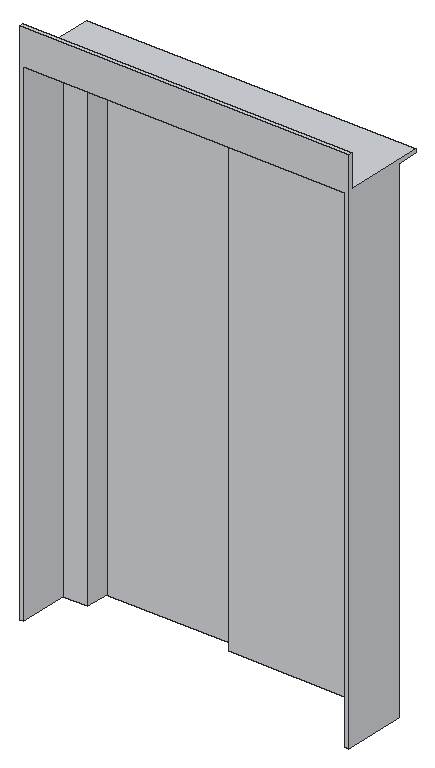
Revit family "DR_2SL_Elevator Sliding Door", category Doors, host Wall, Revit 2021
Family settings
  Host = Wall
  OmniClass Number = 23.30.10.00
  OmniClass Title = Doors
  Always vertical = Yes
  Cut with Voids When Loaded = No
  Shared = No
  Room Calculation Point = No
Parameters (values of type "1150x2100")
  Define Thermal Properties by = Schematic Type
  DI_TopFrame_Height = 15 cm
  Type Comments = ""
  Thickness = 0 cm  # constant formula
  TX_TypeCode = "2SL.EL"
  TX_Host [instance] = ""
  Rough Width = 0 cm  # constant formula
  Rough Height = 0 cm  # constant formula
  MA_Panel = none
  MA_Frame = none
  Function = Interior
  Height = 0 cm  # constant formula
  Wall Closure = By host
  Width = 0 cm  # constant formula
  Fire Rating = ""
  Description = "Porta a due ante scorrevoli verso un lato, per ascensore."
  DI_Width_Rough = DI_Width + DI_Frame_Width * 2  # 139 cm
  DI_Width_Clear = DI_Width  # 115 cm
  DI_Width = 115 cm
  DI_WallOpening_Interior [instance] = 0 cm
  DI_WallOpening_Exterior [instance] = 0 cm
  DI_VoidDepth_Below [instance] = 20 cm
  DI_Panel_Width = (DI_Width + 5 cm) / 2  # 60 cm
  DI_Panel_Thickness = 4.5 cm
  DI_Panel_Offset [instance] = 5 cm
  DI_Panel_Height = DI_Height  # 210 cm
  DI_Height_Rough = DI_Height + DI_TopFrame_Height  # 225 cm
  DI_Height_Clear = DI_Height  # 210 cm
  DI_Height = 210 cm
  DI_Frame_Width = 12 cm
  DI_Frame_Thickness = 1.5 cm
  Assembly Code = ""
  Analytic Construction = "<None>"
Reference planes (cm)
  plane 1: y = 0
  plane 2: z = 0
  plane 3: x = -0.5
  plane 4: x = -70
  plane 5: x = 69
  plane 6: z = 225
  plane 7: y = 10
  plane 8: y = 16.5
  plane 9: x = -58
  plane 10: x = 57
  plane 11: z = 210
  plane 12: y = 25.5
  plane 13: y = 21
  plane 14: x = -2.5
  plane 15 "Opening Projection Int": y = -10
  plane 16: y = 15
  plane 17: y = 11
  plane 18: x = -60.5
  plane 19: x = 59.5
  plane 20: z = -20
  plane 21: x = 119.5
  plane 22: x = -68.5
  plane 23: x = 67.5
  plane 24: y = -8.5
  plane 25: z = 211.5
  plane 26 "Opening Projection Ext": y = 10
  plane 27: y = -10
Forms (cm)
  Extrusion 1, void
    sketch origin (0, 0, 0) x (1, 0, 0) y (0, 1, 0)
      loop
        line (-70, 25.5) -> (-70, -10) -> (69, -10) -> (69, 25.5) -> (-70, 25.5)
    from -20 to 225
  Extrusion 2, solid, material <- "MA_Frame"
    sketch origin (0, 0, 0) x (1, 0, 0) y (0, 1, 0)
      loop
        line (-70, 25.5) -> (-70, -10) -> (-68.5, -10) -> (-68.5, 11) -> (-58, 11) -> (-58, 21) -> (-60.5, 21) -> (-60.5, 25.5) -> (-70, 25.5)
    from 210 to 0
  Sweep 3, solid, material <- "MA_Frame"
    path origin (-71.612, -10, 121.92) x (-1, 0, 0) y (0, 0, 1)
      loop
        line (-140.612, -121.92) -> (-140.612, 88.08)
    profile origin (69, -10, 105) x (1, 0, 0) y (0, 1, 0)
      loop
        line (0, 0) -> (0, 26.5) -> (-12, 26.5) -> (-12, 21) -> (-1.5, 21) -> (-1.5, 0) -> (0, 0)
  Sweep 4, solid, material <- "MA_Frame"
    path origin (0, 0, 0) x (1, 0, 0) y (0, 1, 0)
      loop
        line (-70, -10) -> (69, -10)
    profile origin (-0.5, -10, 0) x (0, 1, 0) y (0, 0, 1)
      loop
        line (0, 225) -> (0, 210) -> (35.5, 210) -> (35.5, 211.5) -> (1.5, 211.5) -> (1.5, 225) -> (0, 225)
Cuts and joins
  joined: Extrusion 2, Sweep 3, Sweep 4
Lines and regions (cm)
  Masking region 1
    outline origin (0, 0, 0) x (1, 0, 0) y (0, 1, 0)
      loop
        line (-70, -10) -> (-68.5, -10) -> (-68.5, 11) -> (-58, 11) -> (-58, 21) -> (-60.5, 21) -> (-60.5, 25.5) -> (-70, 25.5) -> (-70, -10)
  Masking region 2
    outline origin (0, 0, 0) x (1, 0, 0) y (0, 1, 0)
      loop
        line (57, 16.5) -> (57, 11) -> (67.5, 11) -> (67.5, -10) -> (69, -10) -> (69, 16.5) -> (57, 16.5)
  symbolic lines, style "Plan Swing"
    curve 1: line (-0.5, 25.5, 0) -> (119.5, 25.5, 0)
    curve 2: line (59.5, 16.5, 0) -> (119.5, 16.5, 0)
    curve 3: line (119.5, 21, 0) -> (59.5, 21, 0)
    curve 4: line (119.5, 25.5, 0) -> (119.5, 16.5, 0)
  symbolic lines, style "DoorsOpeningProjection"
    curve 5: line (-70, -10, 0) -> (69, -10, 0)
    curve 6: line (-68.5, 10, 0) -> (67.5, 10, 0)
Dimensions and locks (cm)
  equal spacing: plane 9, plane 3, plane 10
  "DI_Height": plane 11 to level
  "DI_Panel_Thickness": plane 13 to plane 8
  "DI_Width": plane 9 to plane 10
  "DI_TopFrame_Height": plane 6 to plane 11
  equal spacing: plane 12, plane 13, plane 8
  locked: plane 14 to plane 3 at 2
  "DI_WallOpening_Interior": plane 15 "Opening Projection Int" to plane 27
  plane 8 to plane 16 to plane 17 = 1.5 cm locked, 4 cm locked
  "DI_Panel_Offset": plane 16 to plane 7
  "DI_Panel_Width": plane 18 to plane 3 to plane 19
  "DI_VoidDepth_Below": plane 2 to plane 20
  "DI_Panel_Width": plane 19 to plane 21
  locked: Sweep 3 sketch curve to Sweep 3 sketch curve at 1.5
  "DI_Frame_Thickness": plane 4 to plane 22
  "DI_Frame_Thickness": plane 23 to plane 5
  "DI_Frame_Width": plane 4 to plane 9
  "DI_Frame_Width": plane 10 to plane 5
  "DI_Frame_Thickness": plane 25 to plane 11
  "DI_Frame_Thickness": plane 15 "Opening Projection Int" to plane 24
  "DI_WallOpening_Exterior": plane 26 "Opening Projection Ext" to plane 7
  aligned and locked: plane 7 to host wall
  aligned and locked: Extrusion 1 sketch curve to plane 4
  aligned and locked: plane 5 to Extrusion 1 sketch curve
  aligned and locked: Extrusion 1 sketch curve to plane 12
  aligned and locked: Extrusion 1 to plane 6
  aligned and locked: Extrusion 1 to plane 20
  aligned and locked: Extrusion 2 sketch curve to plane 12
  aligned and locked: Extrusion 2 sketch curve to plane 4
  aligned and locked: Extrusion 2 sketch curve to plane 18
  aligned and locked: plane 15 "Opening Projection Int" to Extrusion 2 sketch curve
  aligned and locked: Extrusion 2 sketch curve to plane 9
  aligned and locked: Extrusion 2 sketch curve to plane 13
  aligned and locked: plane 5 to Sweep 3 sketch curve
  aligned and locked: Sweep 3 sketch curve to profile plane
  aligned and locked: Sweep 3 sketch curve to plane 5
  aligned and locked: Sweep 4 sketch curve to plane 15 "Opening Projection Int"
  aligned and locked: plane 5 to Sweep 4 sketch curve
  aligned and locked: plane 4 to Sweep 4 sketch curve
  aligned and locked: plane 6 to Sweep 4 sketch curve
  aligned and locked: plane 10 to Sweep 3 sketch curve
  aligned and locked: plane 11 to Sweep 3 sketch curve
  aligned and locked: plane 11 to cut or joined group of Extrusion 2, Sweep 3, Sweep 4  (x2)
  aligned and locked: Extrusion 2 to plane 17
  aligned and locked: Masking region 1 sketch curve to plane 4
  aligned and locked: Masking region 1 sketch curve to plane 22
  aligned and locked: Masking region 1 sketch curve to plane 12
  aligned and locked: Masking region 1 sketch curve to plane 9
  aligned and locked: Masking region 1 sketch curve to plane 17
  aligned and locked: Masking region 1 sketch curve to plane 15 "Opening Projection Int"
  aligned and locked: Masking region 1 sketch curve to plane 18
  aligned and locked: Masking region 1 sketch curve to plane 13
  aligned and locked: plane 10 to Masking region 2 sketch curve
  aligned and locked: Masking region 2 sketch curve to plane 17
  aligned and locked: Masking region 2 sketch curve to plane 8
  aligned and locked: Masking region 2 sketch curve to plane 5
  aligned and locked: Masking region 2 sketch curve to plane 15 "Opening Projection Int"
  aligned and locked: Masking region 2 to plane 23
  aligned and locked: plane 8 to Sweep 3 sketch curve
  aligned and locked: Sweep 3 sketch curve to plane 17
  aligned and locked: Sweep 4 sketch curve to plane 25
  aligned and locked: plane 11 to Sweep 4 sketch curve
  aligned and locked: Sweep 4 sketch curve to plane 24
  aligned and locked: plane 15 "Opening Projection Int" to Sweep 4 sketch curve
  aligned and locked: plane 9 to Masking region 1
  aligned and locked: Masking region 1 to plane 17
  aligned and locked: plane 12 to Masking region 1
  aligned and locked: plane 18 to Masking region 1
  aligned and locked: plane 13 to nested 1
  aligned and locked: plane 8 to nested 2
  aligned and locked: curve 2 to plane 8
  aligned and locked: plane 21 to curve 4
  aligned and locked: curve 1 to plane 12
  aligned and locked: plane 13 to curve 3
  aligned and locked: plane 3 to curve 1
  aligned and locked: plane 19 to curve 3
  aligned and locked: plane 19 to curve 2
  aligned and locked: plane 5 to curve 5
  aligned and locked: plane 4 to curve 5
  aligned and locked: curve 6 to plane 26 "Opening Projection Ext"
  aligned and locked: plane 23 to curve 6
  aligned and locked: plane 22 to curve 6
  aligned and locked: plane 18 to nested 1
  aligned and locked: nested 2 to plane 10
  aligned and locked: plane 27 to host wall
  aligned and locked: plane 12 to Sweep 4 sketch curve
  aligned and locked: curve 5 to plane 15 "Opening Projection Int"
  aligned and locked: plane 15 "Opening Projection Int" to Extrusion 1 sketch curve
Automatic sketch dimensions
  Sweep 3 sketch curve to level = 0 cm
  Extrusion 2 sketch curve to plane 22 = 0 cm
  Extrusion 2 sketch curve to plane 17 = 0 cm
  Masking region 2 sketch curve to plane 23 = 0 cm
  curve 3 to plane 21 = 0 cm
Nested families (cm)
  nested 1: "DR.PN_Sliding Panel" at (-30.5, 23.25, 0) x (-1, 0, 0) z (0, 0, 1), DI_Panel_Width <- "DI_Panel_Width", MA_Panel <- "MA_Panel", DI_Panel_Height <- "DI_Panel_Height", DI_Panel_Thickness <- "DI_Panel_Thickness", type "Sliding"
    with Thickness 0 cm, MA_Panel none, DI_Panel_Width 60 cm, DI_Panel_Thickness 4.5 cm, DI_Panel_Height 210 cm
  nested 2: "DR.PN_Sliding Panel" at (27, 18.75, 0) x (-1, 0, 0) z (0, 0, 1), DI_Panel_Height <- "DI_Panel_Height", DI_Panel_Thickness <- "DI_Panel_Thickness", DI_Panel_Width <- "DI_Panel_Width", type "Sliding"
    with Thickness 0 cm, MA_Panel none, DI_Panel_Width 60 cm, DI_Panel_Thickness 4.5 cm, DI_Panel_Height 210 cm
Definition of nested family "DR.PN_Sliding Panel"
  Parameters (values of type "Sliding")
    YN_Swing = yes
    YN_Panel_Projection = no
    YN_Panel = not(YN_Panel_Projection)  # yes
    YN_3D = not(YN_Panel_Projection)  # yes
    Width = 0 cm  # constant formula
    Thickness [instance] = 0 cm  # constant formula
    Rough Width = 0 cm  # constant formula
    Rough Height = 0 cm  # constant formula
    MA_Panel [instance] = none
    Height = 0 cm  # constant formula
    Define Thermal Properties by = 1
    Default Elevation = 0 cm  # constant formula
    DI_Panel_Width [instance] = 90 cm
    DI_Panel_Thickness [instance] = 5 cm
    DI_Panel_Height [instance] = 210 cm
    Analytic Construction = "<None>"
  Types (3, lengths in cm): name | YN_Swing
    Sliding | yes
    Panel 2 | no
    Panel 1 | yes
  Reference planes (cm)
    plane 1 "Center (Front/Back)": y = 0
    plane 2: z = 0
    plane 3 "Center (Left/Right)": x = 0
    plane 4 "Left": x = -45
    plane 5 "Right": x = 45
    plane 6 "FrontPanel": y = -2.5
    plane 7 "Top": z = 210
    plane 8: z = 105
    plane 9 "BackPanel": y = 2.5
    plane 10 "Arrow1": z = 110.7
    plane 11 "Arrow2": z = 99.3
    plane 12 "Summit Arrow": x = 30
    plane 13: x = 15
  Forms (cm)
    Extrusion 1, solid, material <- "MA_Panel", visible <- "YN_3D"
      sketch origin (134, 70, 0) x (1, 0, 0) y (0, 1, 0)
        loop
          line (-179, -72.5) -> (-89, -72.5) -> (-89, -67.5) -> (-179, -67.5) -> (-179, -72.5)
      from 0 to 210
  Lines and regions (cm)
    Masking region 1, visible <- "YN_Panel"
      outline origin (0, 0, 0) x (1, 0, 0) y (0, 1, 0)
        loop
          line (-45, -2.5) -> (45, -2.5) -> (45, 2.5) -> (-45, 2.5) -> (-45, -2.5)
    symbolic lines, not visible
      curve 1: line (-45, 2.5, 0) -> (45, 2.5, 0)
    symbolic lines, not visible, detail levels medium+fine
      curve 2: line (-45, -2.5, 0) -> (45, -2.5, 0)
      curve 3: line (45, -2.5, 0) -> (45, 2.5, 0)
    symbolic lines
      curve 4: line (-45, 2.5, 0) -> (45, 2.5, 0)
      curve 5: line (-45, -2.5, 0) -> (-45, 2.5, 0)
      curve 6: line (45, -2.5, 0) -> (-45, -2.5, 0)
      curve 7: line (45, 2.5, 0) -> (45, -2.5, 0)
    model lines, visible <- "YN_Swing"
      curve 8: line (0, 2.5, 105) -> (30, 2.5, 105)
      curve 9: line (0, 2.5, 105) -> (8.1429, 2.5, 99.3)
      curve 10: line (0, 2.5, 105) -> (8.1429, 2.5, 110.7)
      curve 11: line (0, -2.5, 105) -> (30, -2.5, 105)
      curve 12: line (0, -2.5, 105) -> (8.1429, -2.5, 99.3)
      curve 13: line (0, -2.5, 105) -> (8.1429, -2.5, 110.7)
  Dimensions and locks (cm)
    "DI_Panel_Width": plane 4 "Left" to plane 5 "Right"
    equal spacing: plane 4 "Left", plane 3 "Center (Left/Right)", plane 5 "Right"
    "DI_Panel_Thickness": plane 6 "FrontPanel" to plane 9 "BackPanel"
    equal spacing: plane 7 "Top", plane 8, plane 2
    equal spacing: plane 6 "FrontPanel", plane 1 "Center (Front/Back)", plane 9 "BackPanel"
    locked: plane 10 "Arrow1" to plane 8 at 5.7
    locked: plane 8 to plane 11 "Arrow2" at 5.7
    plane 5 "Right" to plane 12 "Summit Arrow" = 15 cm
    "DI_Panel_Height": plane 7 "Top" to plane 2
    aligned and locked: level to plane 2
    aligned and locked: plane 4 "Left" to Extrusion 1
    aligned and locked: plane 9 "BackPanel" to Extrusion 1
    aligned and locked: plane 5 "Right" to Extrusion 1
    aligned and locked: Extrusion 1 to plane 6 "FrontPanel"
    aligned and locked: plane 7 "Top" to Extrusion 1
    aligned and locked: plane 9 "BackPanel" to Masking region 1 sketch curve
    aligned and locked: Masking region 1 sketch curve to plane 6 "FrontPanel"
    aligned and locked: Masking region 1 sketch curve to plane 4 "Left"
    aligned and locked: plane 5 "Right" to Masking region 1 sketch curve
    aligned and locked: curve 7 to plane 5 "Right"
    aligned and locked: curve 4 to plane 9 "BackPanel"
    aligned and locked: plane 6 "FrontPanel" to curve 6
    aligned and locked: curve 5 to plane 4 "Left"
    aligned and locked: plane 12 "Summit Arrow" to curve 8
    aligned and locked: plane 3 "Center (Left/Right)" to curve 8
    aligned and locked: plane 8 to curve 10
    aligned and locked: plane 8 to curve 8
  Automatic sketch dimensions
    curve 10 to plane 10 "Arrow1" = 0 cm
    curve 9 to plane 11 "Arrow2" = 0 cm
    curve 10 to plane 13 = 6.8571 cm
    curve 9 to plane 13 = 6.8571 cm
    curve 11 to plane 8 = 0 cm
    curve 11 to plane 12 "Summit Arrow" = 0 cm
    curve 13 to plane 10 "Arrow1" = 0 cm
    curve 12 to plane 11 "Arrow2" = 0 cm
    curve 12 to plane 3 "Center (Left/Right)" = 0 cm
    curve 13 to plane 13 = 6.8571 cm
    curve 12 to plane 13 = 6.8571 cm
    Extrusion 1 sketch curve to plane 4 "Left" = 0 cm
    Extrusion 1 sketch curve to plane 5 "Right" = 0 cm
    Extrusion 1 sketch curve to plane 6 "FrontPanel" = 0 cm
    Extrusion 1 sketch curve to plane 9 "BackPanel" = 0 cm
